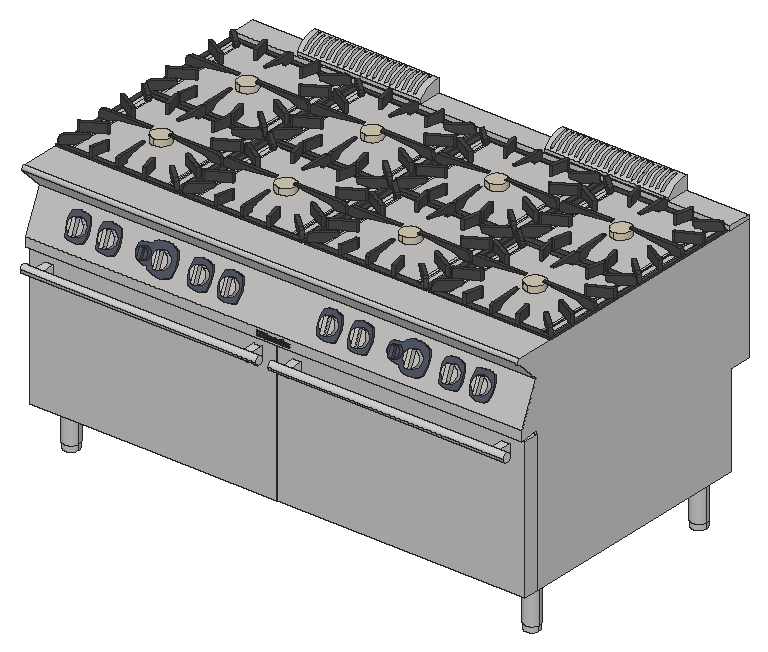
Revit family "QF_ELECTROLUXPROFESSIONAL_391017_E9GCGP8CG0", category Specialty Equipment, Revit 2018 (continued)
Automatic sketch dimensions
  curve 27 to curve 28 = 9.296 mm
  curve 25 to curve 72 = 9.397 mm
  curve 70 to curve 70 = 9.296 mm
  curve 69 to curve 67 = 9.397 mm
  curve 66 to curve 66 = 9.296 mm
  curve 65 to curve 63 = 9.397 mm
  curve 62 to curve 61 = 9.296 mm
  curve 61 to curve 58 = 9.397 mm
  curve 59 to curve 57 = 9.296 mm
  curve 57 to curve 55 = 9.397 mm
  curve 55 to curve 53 = 9.296 mm
  curve 53 to curve 50 = 9.397 mm
  curve 51 to curve 49 = 9.296 mm
  curve 49 to curve 47 = 9.397 mm
  curve 47 to curve 45 = 9.296 mm
  curve 45 to curve 43 = 9.397 mm
  curve 43 to curve 41 = 9.296 mm
  curve 41 to curve 39 = 9.397 mm
  curve 35 to curve 33 = 9.296 mm
  curve 33 to curve 31 = 9.397 mm
  curve 31 to curve 29 = 9.296 mm
  curve 29 to curve 103 = 9.397 mm
  curve 102 to curve 101 = 9.296 mm
  curve 101 to curve 98 = 9.397 mm
  curve 99 to curve 97 = 9.296 mm
  curve 97 to curve 95 = 9.397 mm
  curve 94 to curve 93 = 9.296 mm
  curve 93 to curve 90 = 9.397 mm
  curve 91 to curve 89 = 9.296 mm
  curve 89 to curve 86 = 9.397 mm
  curve 87 to curve 88 = 9.296 mm
  curve 85 to curve 83 = 9.397 mm
  curve 83 to curve 81 = 9.296 mm
  curve 81 to curve 79 = 9.397 mm
  curve 79 to curve 80 = 9.296 mm
  curve 77 to curve 75 = 9.397 mm
  curve 75 to curve 76 = 9.296 mm
  curve 73 to curve 105 = 14.847 mm
  plane 11 to curve 23 = 7.049 mm
  curve 23 to plane 17 = 20.2 mm
  plane 17 to curve 20 = 5.2 mm
  plane 11 to curve 21 = 7.049 mm
  plane 3 "LEFT" to curve 21 = 19.875 mm
  curve 8 to plane 3 "LEFT" = 100 mm
  curve 8 to plane 1 "BACK" = 100 mm
  plane 1 "BACK" to curve 200 = 6.761 mm
  plane 1 "BACK" to curve 166 = 6.761 mm
  plane 1 "BACK" to curve 199 = 6.761 mm
  plane 1 "BACK" to curve 168 = 6.761 mm
  plane 1 "BACK" to curve 163 = 6.761 mm
  plane 1 "BACK" to curve 195 = 6.761 mm
  plane 1 "BACK" to curve 159 = 6.761 mm
  plane 1 "BACK" to curve 191 = 6.761 mm
  plane 1 "BACK" to curve 155 = 6.761 mm
  plane 1 "BACK" to curve 187 = 6.761 mm
  plane 1 "BACK" to curve 151 = 6.761 mm
  plane 1 "BACK" to curve 29 = 6.761 mm
  plane 1 "BACK" to curve 147 = 6.761 mm
  plane 1 "BACK" to curve 33 = 6.761 mm
  plane 1 "BACK" to curve 143 = 6.761 mm
  plane 1 "BACK" to curve 37 = 6.761 mm
  plane 1 "BACK" to curve 139 = 6.761 mm
  plane 1 "BACK" to curve 41 = 6.761 mm
  plane 1 "BACK" to curve 135 = 6.761 mm
  plane 1 "BACK" to curve 45 = 6.761 mm
  plane 1 "BACK" to curve 131 = 6.761 mm
  plane 1 "BACK" to curve 49 = 6.761 mm
  plane 1 "BACK" to curve 53 = 6.761 mm
  plane 1 "BACK" to curve 172 = 6.761 mm
  plane 1 "BACK" to curve 57 = 6.761 mm
  plane 1 "BACK" to curve 176 = 6.761 mm
  plane 1 "BACK" to curve 61 = 6.761 mm
  plane 1 "BACK" to curve 180 = 6.761 mm
  plane 1 "BACK" to curve 65 = 6.761 mm
  plane 1 "BACK" to curve 69 = 6.761 mm
  plane 1 "BACK" to curve 104 = 6.761 mm
  plane 1 "BACK" to curve 73 = 6.761 mm
  plane 1 "BACK" to curve 100 = 6.761 mm
  plane 1 "BACK" to curve 77 = 6.761 mm
  plane 1 "BACK" to curve 96 = 6.761 mm
  plane 1 "BACK" to curve 81 = 6.761 mm
  plane 1 "BACK" to curve 92 = 6.761 mm
  plane 1 "BACK" to curve 85 = 6.761 mm
  curve 87 to curve 86 = 57.15 mm
  curve 86 to curve 89 = 0 mm
  curve 83 to curve 85 = 0 mm
  curve 90 to curve 93 = 0 mm
  curve 79 to curve 81 = 0 mm
  curve 94 to curve 97 = 0 mm
  curve 75 to curve 77 = 0 mm
  curve 98 to curve 101 = 0 mm
  curve 71 to curve 106 = 5.939 mm
  curve 186 to curve 185 = 57.15 mm
  curve 67 to curve 69 = 0 mm
  curve 63 to curve 65 = 0 mm
  curve 182 to curve 184 = 0 mm
  curve 59 to curve 61 = 0 mm
  curve 178 to curve 180 = 0 mm
  curve 55 to curve 57 = 0 mm
  curve 174 to curve 176 = 0 mm
  curve 51 to curve 53 = 0 mm
  curve 124 to curve 124 = 57.15 mm
  curve 47 to curve 49 = 0 mm
  curve 128 to curve 128 = 57.15 mm
  curve 43 to curve 45 = 0 mm
  curve 129 to curve 132 = 0 mm
  curve 39 to curve 41 = 0 mm
  curve 133 to curve 136 = 0 mm
  curve 35 to curve 37 = 0 mm
  curve 137 to curve 140 = 0 mm
  curve 31 to curve 33 = 0 mm
  curve 141 to curve 144 = 0 mm
  curve 70 to curve 27 = 0 mm
  curve 145 to curve 148 = 0 mm
  curve 149 to curve 152 = 0 mm
  curve 185 to curve 188 = 0 mm
  curve 153 to curve 156 = 0 mm
  curve 189 to curve 192 = 0 mm
  curve 157 to curve 160 = 0 mm
  curve 193 to curve 196 = 0 mm
  curve 161 to curve 164 = 0 mm
  curve 197 to curve 200 = 0 mm
  curve 165 to curve 168 = 0 mm
  curve 172 to curve 204 = 5.939 mm
  curve 125 to curve 205 = 5.939 mm
  curve 73 to curve 105 = 5.939 mm
  plane 11 to curve 118 = 7.049 mm
  plane 11 to curve 109 = 7.049 mm
  curve 16 to curve 18 = 1.5 mm
  curve 16 to curve 11 = 25.4 mm
  curve 113 to curve 118 = 25.4 mm
  Extrusion 1 sketch curve to plane 10 = 0 mm
  Extrusion 1 sketch curve to plane 9 "Base" = 0 mm
  Extrusion 1 sketch curve to plane 1 "BACK" = 0 mm
  Extrusion 1 sketch curve to plane 13 = 57 mm
  Extrusion 1 sketch curve to plane 14 = 50.222 mm
  Extrusion 1 sketch curve to Extrusion 1 sketch curve = 3.175 mm
  Extrusion 1 sketch curve to Extrusion 1 sketch curve = 0.442 mm
  Extrusion 1 sketch curve to plane 14 = 56.266 mm
  Extrusion 1 sketch curve to plane 11 = 14.167 mm
  Extrusion 1 sketch curve to plane 11 = 8.63 mm
  Extrusion 1 sketch curve to plane 11 = 2.528 mm
  plane 9 "Base" to Extrusion 1 sketch curve = 300 mm
  Extrusion 1 sketch curve to plane 10 = 240.721 mm
  Extrusion 1 sketch curve to Extrusion 1 sketch curve = 1.552 mm
  Extrusion 1 sketch curve to Extrusion 1 sketch curve = 31.298 mm
  Extrusion 1 sketch curve to plane 10 = 84.067 mm
  Extrusion 1 sketch curve to plane 10 = 14.732 mm
  Extrusion 1 to Extrusion 2 sketch curve = 0 mm
  Extrusion 2 sketch curve to Extrusion 1 = 0 mm  (x3)
  Extrusion 1 to Extrusion 2 sketch curve = 9.61 mm
  Extrusion 2 sketch curve to Extrusion 2 sketch curve = 0 mm
  Extrusion 1 to Extrusion 2 sketch curve = 363.774 mm
  Extrusion 1 to Extrusion 2 sketch curve = 378.321 mm
  Extrusion 2 sketch curve to Extrusion 2 sketch curve = 434.226 mm
  Extrusion 2 sketch curve to Extrusion 2 sketch curve = 4 mm
  Extrusion 3 sketch curve to Extrusion 1 = 0 mm  (x2)
  Extrusion 3 sketch curve to Extrusion 1 = 5.2 mm
  Extrusion 1 to Extrusion 3 sketch curve = 14.288 mm
  Extrusion 4 sketch curve to Extrusion 1 = 187.222 mm
  Extrusion 5 sketch curve to plane 9 "Base" = 0 mm
  Extrusion 5 sketch curve to plane 15 = 0 mm
  Extrusion 5 sketch curve to plane 11 = 30 mm
  Extrusion 5 sketch curve to Extrusion 5 sketch curve = 44.603 mm
  plane 11 to Extrusion 6 sketch curve = 0 mm  (x2)
  plane 1 "BACK" to Extrusion 6 sketch curve = 0 mm
  Extrusion 6 sketch curve to plane 3 "LEFT" = 0 mm
  Extrusion 6 sketch curve to plane 4 "RIGHT" = 0 mm
  Extrusion 6 sketch curve to plane 3 "LEFT" = 100 mm
  plane 4 "RIGHT" to Extrusion 6 sketch curve = 100 mm
  plane 11 to Extrusion 7 sketch curve = 22.852 mm
  Extrusion 7 sketch curve to Extrusion 7 sketch curve = 0 mm  (x2)
  Extrusion 7 sketch curve to Extrusion 7 sketch curve = 1.139 mm
  Extrusion 7 sketch curve to Extrusion 7 sketch curve = 3.102 mm
  Extrusion 7 sketch curve to Extrusion 7 sketch curve = 4.032 mm
  Extrusion 7 sketch curve to Extrusion 7 sketch curve = 4.436 mm
  Extrusion 7 sketch curve to Extrusion 7 sketch curve = 5.898 mm
  plane 11 to Extrusion 7 sketch curve = 8.549 mm
  Extrusion 7 sketch curve to plane 11 = 30 mm
  Extrusion 7 sketch curve to plane 10 = 298.908 mm
  Extrusion 7 sketch curve to Extrusion 7 sketch curve = 3.343 mm
  Extrusion 7 sketch curve to Extrusion 7 sketch curve = 2.066 mm
  Extrusion 7 sketch curve to Extrusion 7 sketch curve = 5.312 mm
  Extrusion 7 sketch curve to Extrusion 7 sketch curve = 28.009 mm
  plane 11 to Extrusion 8 sketch curve = 22.852 mm
  Extrusion 8 sketch curve to Extrusion 8 sketch curve = 0 mm  (x2)
  Extrusion 8 sketch curve to Extrusion 8 sketch curve = 1.139 mm
  Extrusion 8 sketch curve to Extrusion 8 sketch curve = 3.102 mm
  Extrusion 8 sketch curve to Extrusion 8 sketch curve = 4.032 mm
  Extrusion 8 sketch curve to Extrusion 8 sketch curve = 4.436 mm
  Extrusion 8 sketch curve to Extrusion 8 sketch curve = 5.898 mm
  plane 11 to Extrusion 8 sketch curve = 8.549 mm
  Extrusion 8 sketch curve to plane 11 = 30 mm
  Extrusion 8 sketch curve to plane 10 = 270.899 mm
  Extrusion 8 sketch curve to Extrusion 8 sketch curve = 2.705 mm
  Extrusion 8 sketch curve to Extrusion 8 sketch curve = 5.987 mm
  Extrusion 8 sketch curve to Extrusion 8 sketch curve = 5.313 mm
  Extrusion 8 sketch curve to Extrusion 8 sketch curve = 28.009 mm
  plane 11 to Extrusion 9 sketch curve = 19.749 mm
  Extrusion 9 sketch curve to plane 10 = 279.591 mm
  Extrusion 10 sketch curve to Extrusion 10 sketch curve = 0 mm
  Extrusion 10 sketch curve to Extrusion 10 sketch curve = 12.3 mm  (x3)
  Extrusion 10 sketch curve to Extrusion 10 sketch curve = 34.925 mm  (x2)
  Extrusion 10 sketch curve to Extrusion 10 sketch curve = 46.691 mm
  Extrusion 10 sketch curve to Extrusion 10 sketch curve = 0.617 mm
  Extrusion 10 sketch curve to Extrusion 10 sketch curve = 28.57 mm
  Extrusion 10 sketch curve to Extrusion 10 sketch curve = 29.185 mm
  Extrusion 12 sketch curve to Extrusion 12 sketch curve = 24.732 mm
  Extrusion 12 sketch curve to Extrusion 12 sketch curve = 0 mm
  Extrusion 13 sketch curve to Extrusion 13 sketch curve = 0 mm  (x4)
  Extrusion 13 sketch curve to Extrusion 13 sketch curve = 112.63 mm
  Extrusion 13 sketch curve to Extrusion 13 sketch curve = 1.398 mm
  Extrusion 13 sketch curve to Extrusion 13 sketch curve = 5.918 mm
  Extrusion 13 sketch curve to Extrusion 13 sketch curve = 7.825 mm
  Extrusion 13 sketch curve to Extrusion 13 sketch curve = 12.433 mm
  Extrusion 13 sketch curve to Extrusion 13 sketch curve = 33.329 mm
  Extrusion 13 sketch curve to Extrusion 13 sketch curve = 28.808 mm
  Extrusion 13 sketch curve to Extrusion 13 sketch curve = 2.986 mm
  Extrusion 13 sketch curve to Extrusion 13 sketch curve = 35.441 mm
  Extrusion 13 sketch curve to Extrusion 13 sketch curve = 23.969 mm
  Extrusion 13 sketch curve to Extrusion 13 sketch curve = 31.993 mm
  Extrusion 13 sketch curve to Extrusion 13 sketch curve = 0.131 mm
  Extrusion 13 sketch curve to Extrusion 13 sketch curve = 36.738 mm
  Extrusion 13 sketch curve to Extrusion 13 sketch curve = 6.105 mm
  Extrusion 13 sketch curve to Extrusion 13 sketch curve = 0.002 mm
  Extrusion 13 sketch curve to Extrusion 13 sketch curve = 38.412 mm
  Extrusion 13 sketch curve to Extrusion 13 sketch curve = 11.842 mm
  Extrusion 15 sketch curve to Extrusion 15 sketch curve = 24.732 mm
  Extrusion 15 sketch curve to Extrusion 15 sketch curve = 0 mm
  Extrusion 17 sketch curve to Extrusion 17 sketch curve = 0 mm
  Extrusion 17 sketch curve to Extrusion 17 sketch curve = 7.232 mm  (x3)
  Extrusion 17 sketch curve to Extrusion 17 sketch curve = 17.5 mm
  Extrusion 17 sketch curve to Extrusion 17 sketch curve = 5.786 mm
  Extrusion 18 sketch curve to plane 19 = 138.904 mm
  Extrusion 18 sketch curve to Extrusion 18 sketch curve = 0 mm
  Extrusion 18 sketch curve to Extrusion 18 sketch curve = 12.3 mm  (x3)
  Extrusion 18 sketch curve to Extrusion 18 sketch curve = 34.925 mm  (x2)
  Extrusion 18 sketch curve to Extrusion 18 sketch curve = 46.691 mm
  Extrusion 18 sketch curve to Extrusion 18 sketch curve = 0.617 mm
  Extrusion 18 sketch curve to Extrusion 18 sketch curve = 28.57 mm
  Extrusion 18 sketch curve to Extrusion 18 sketch curve = 29.185 mm
  Extrusion 20 sketch curve to Extrusion 20 sketch curve = 24.732 mm
  Extrusion 20 sketch curve to Extrusion 20 sketch curve = 0 mm
  Extrusion 21 sketch curve to plane 17 = 61.596 mm
  Extrusion 21 sketch curve to Extrusion 21 sketch curve = 0 mm
  Extrusion 21 sketch curve to Extrusion 21 sketch curve = 12.3 mm  (x3)
  Extrusion 21 sketch curve to Extrusion 21 sketch curve = 34.925 mm  (x2)
  Extrusion 21 sketch curve to plane 17 = 35.869 mm
  Extrusion 21 sketch curve to Extrusion 21 sketch curve = 46.691 mm
  Extrusion 21 sketch curve to Extrusion 21 sketch curve = 26.344 mm
  Extrusion 21 sketch curve to Extrusion 21 sketch curve = 28.57 mm
  Extrusion 23 sketch curve to Extrusion 23 sketch curve = 24.732 mm
  Extrusion 23 sketch curve to Extrusion 23 sketch curve = 0 mm
  Extrusion 24 sketch curve to plane 17 = 161.596 mm
  Extrusion 24 sketch curve to Extrusion 24 sketch curve = 0 mm
  Extrusion 24 sketch curve to Extrusion 24 sketch curve = 12.3 mm  (x3)
  Extrusion 24 sketch curve to Extrusion 24 sketch curve = 34.925 mm  (x2)
  Extrusion 24 sketch curve to Extrusion 24 sketch curve = 46.691 mm
  Extrusion 24 sketch curve to Extrusion 24 sketch curve = 0.617 mm
  Extrusion 24 sketch curve to Extrusion 24 sketch curve = 28.57 mm
  Extrusion 24 sketch curve to Extrusion 24 sketch curve = 29.185 mm
  Extrusion 26 sketch curve to Extrusion 26 sketch curve = 24.732 mm
  Extrusion 26 sketch curve to Extrusion 26 sketch curve = 0 mm
  Extrusion 27 sketch curve to Extrusion 1 = 43 mm
  Extrusion 27 sketch curve to Extrusion 1 = 276.222 mm
  Revolve 28 sketch curve to plane 9 "Base" = 0 mm  (x2)
  Revolve 28 sketch curve to level = 0 mm
  plane 17 to Revolve 28 sketch curve = 0 mm  (x2)
  plane 17 to Revolve 28 sketch curve = 22.9 mm
  Revolve 28 sketch curve to Revolve 28 sketch curve = 2.5 mm
  level to Revolve 28 sketch curve = 19.05 mm
  plane 9 "Base" to Revolve 28 sketch curve = 20 mm
  Revolve 29 sketch curve to plane 9 "Base" = 0 mm  (x2)
  Revolve 29 sketch curve to level = 0 mm
  plane 17 to Revolve 29 sketch curve = 0 mm  (x2)
  plane 17 to Revolve 29 sketch curve = 22.9 mm
  Revolve 29 sketch curve to Revolve 29 sketch curve = 2.5 mm
  level to Revolve 29 sketch curve = 19.05 mm
  plane 9 "Base" to Revolve 29 sketch curve = 20 mm
  Extrusion 30 sketch curve to plane 1 "BACK" = 0 mm
  Extrusion 30 sketch curve to plane 6 "TOP" = 0 mm
  plane 1 "BACK" to Extrusion 30 sketch curve = 1.769 mm
  plane 10 to Extrusion 30 sketch curve = 23.813 mm
  plane 1 "BACK" to Extrusion 30 sketch curve = 69.85 mm
  plane 10 to Extrusion 30 sketch curve = 14.288 mm
  plane 1 "BACK" to Extrusion 31 sketch curve = 63.911 mm  (x2)
  Extrusion 31 sketch curve to plane 17 = 158.847 mm
  Extrusion 31 sketch curve to Extrusion 31 sketch curve = 9.296 mm  (x20)
  Extrusion 31 sketch curve to Extrusion 31 sketch curve = 9.397 mm  (x19)
  Extrusion 31 sketch curve to Extrusion 31 sketch curve = 0 mm  (x18)
  plane 1 "BACK" to Extrusion 31 sketch curve = 6.761 mm  (x20)
  plane 11 to Extrusion 32 sketch curve = 22.852 mm
  Extrusion 32 sketch curve to Extrusion 32 sketch curve = 0 mm  (x2)
  Extrusion 32 sketch curve to Extrusion 32 sketch curve = 1.139 mm
  Extrusion 32 sketch curve to Extrusion 32 sketch curve = 3.102 mm
  Extrusion 32 sketch curve to Extrusion 32 sketch curve = 4.032 mm
  Extrusion 32 sketch curve to Extrusion 32 sketch curve = 4.436 mm
  Extrusion 32 sketch curve to Extrusion 32 sketch curve = 5.898 mm
  plane 11 to Extrusion 32 sketch curve = 8.549 mm
  Extrusion 32 sketch curve to plane 11 = 30 mm
  Extrusion 32 sketch curve to plane 10 = 270.899 mm
  Extrusion 32 sketch curve to Extrusion 32 sketch curve = 2.705 mm
  Extrusion 32 sketch curve to Extrusion 32 sketch curve = 5.987 mm
  Extrusion 32 sketch curve to Extrusion 32 sketch curve = 5.312 mm
  Extrusion 32 sketch curve to Extrusion 32 sketch curve = 28.009 mm
  plane 11 to Extrusion 33 sketch curve = 22.852 mm
  Extrusion 33 sketch curve to Extrusion 33 sketch curve = 0 mm  (x2)
  Extrusion 33 sketch curve to Extrusion 33 sketch curve = 1.139 mm
  Extrusion 33 sketch curve to Extrusion 33 sketch curve = 3.102 mm
  Extrusion 33 sketch curve to Extrusion 33 sketch curve = 4.032 mm
  Extrusion 33 sketch curve to Extrusion 33 sketch curve = 4.436 mm
  Extrusion 33 sketch curve to Extrusion 33 sketch curve = 5.898 mm
  plane 11 to Extrusion 33 sketch curve = 8.549 mm
  Extrusion 33 sketch curve to plane 11 = 30 mm
  Extrusion 33 sketch curve to plane 10 = 298.908 mm
  Extrusion 33 sketch curve to Extrusion 33 sketch curve = 3.343 mm
  Extrusion 33 sketch curve to Extrusion 33 sketch curve = 2.066 mm
  Extrusion 33 sketch curve to Extrusion 33 sketch curve = 5.313 mm
  Extrusion 33 sketch curve to Extrusion 33 sketch curve = 28.009 mm
  plane 11 to Extrusion 34 sketch curve = 19.749 mm
  Extrusion 34 sketch curve to plane 10 = 279.591 mm
  Revolve 35 sketch curve to plane 9 "Base" = 0 mm  (x2)
  Revolve 35 sketch curve to level = 0 mm
  Revolve 35 sketch curve to plane 18 = 0 mm  (x2)
  plane 18 to Revolve 35 sketch curve = 22.9 mm
  Revolve 35 sketch curve to Revolve 35 sketch curve = 2.5 mm
  plane 9 "Base" to Revolve 35 sketch curve = 20 mm
  level to Revolve 35 sketch curve = 19.05 mm
  Revolve 36 sketch curve to plane 9 "Base" = 0 mm  (x2)
  Revolve 36 sketch curve to level = 0 mm
  Revolve 36 sketch curve to plane 18 = 0 mm  (x2)
  plane 18 to Revolve 36 sketch curve = 22.9 mm
  Revolve 36 sketch curve to Revolve 36 sketch curve = 2.5 mm
  plane 9 "Base" to Revolve 36 sketch curve = 20 mm
  level to Revolve 36 sketch curve = 19.05 mm
  Extrusion 37 sketch curve to Extrusion 37 sketch curve = 0 mm
  Extrusion 37 sketch curve to Extrusion 37 sketch curve = 12.3 mm  (x3)
  Extrusion 37 sketch curve to Extrusion 37 sketch curve = 34.925 mm  (x2)
  Extrusion 37 sketch curve to Extrusion 37 sketch curve = 46.691 mm
  Extrusion 37 sketch curve to Extrusion 37 sketch curve = 0.617 mm
  Extrusion 37 sketch curve to Extrusion 37 sketch curve = 28.57 mm
  Extrusion 37 sketch curve to Extrusion 37 sketch curve = 29.185 mm
  Extrusion 39 sketch curve to Extrusion 39 sketch curve = 24.732 mm
  Extrusion 39 sketch curve to Extrusion 39 sketch curve = 0 mm
  Extrusion 40 sketch curve to Extrusion 40 sketch curve = 0 mm  (x4)
  Extrusion 40 sketch curve to Extrusion 40 sketch curve = 112.63 mm
  Extrusion 40 sketch curve to Extrusion 40 sketch curve = 1.398 mm
  Extrusion 40 sketch curve to Extrusion 40 sketch curve = 5.918 mm
  Extrusion 40 sketch curve to Extrusion 40 sketch curve = 7.825 mm
  Extrusion 40 sketch curve to Extrusion 40 sketch curve = 12.433 mm
  Extrusion 40 sketch curve to Extrusion 40 sketch curve = 33.329 mm
  Extrusion 40 sketch curve to Extrusion 40 sketch curve = 28.808 mm
  Extrusion 40 sketch curve to Extrusion 40 sketch curve = 2.986 mm
  Extrusion 40 sketch curve to Extrusion 40 sketch curve = 35.441 mm
  Extrusion 40 sketch curve to Extrusion 40 sketch curve = 23.969 mm
  Extrusion 40 sketch curve to Extrusion 40 sketch curve = 31.993 mm
  Extrusion 40 sketch curve to Extrusion 40 sketch curve = 0.131 mm
  Extrusion 40 sketch curve to Extrusion 40 sketch curve = 36.738 mm
  Extrusion 40 sketch curve to Extrusion 40 sketch curve = 6.105 mm
  Extrusion 40 sketch curve to Extrusion 40 sketch curve = 6.427 mm
  Extrusion 40 sketch curve to Extrusion 40 sketch curve = 11.842 mm
  Extrusion 42 sketch curve to Extrusion 42 sketch curve = 24.732 mm
  Extrusion 42 sketch curve to Extrusion 42 sketch curve = 0 mm
  Extrusion 44 sketch curve to Extrusion 44 sketch curve = 0 mm
  Extrusion 44 sketch curve to Extrusion 44 sketch curve = 7.232 mm  (x3)
  Extrusion 44 sketch curve to Extrusion 44 sketch curve = 17.5 mm
  Extrusion 44 sketch curve to Extrusion 44 sketch curve = 5.786 mm
  Extrusion 45 sketch curve to plane 18 = 121.317 mm
  Extrusion 45 sketch curve to Extrusion 45 sketch curve = 0 mm
  Extrusion 45 sketch curve to Extrusion 45 sketch curve = 12.3 mm  (x3)
  Extrusion 45 sketch curve to Extrusion 45 sketch curve = 34.925 mm  (x2)
  Extrusion 45 sketch curve to Extrusion 45 sketch curve = 46.691 mm
  Extrusion 45 sketch curve to Extrusion 45 sketch curve = 0.617 mm
  Extrusion 45 sketch curve to Extrusion 45 sketch curve = 28.57 mm
  Extrusion 45 sketch curve to Extrusion 45 sketch curve = 29.185 mm
  Extrusion 47 sketch curve to Extrusion 47 sketch curve = 24.732 mm
  Extrusion 47 sketch curve to Extrusion 47 sketch curve = 0 mm
  plane 7 "Center Y" to Extrusion 48 sketch curve = 130.183 mm
  Extrusion 48 sketch curve to Extrusion 48 sketch curve = 0 mm
  Extrusion 48 sketch curve to Extrusion 48 sketch curve = 12.3 mm  (x3)
  Extrusion 48 sketch curve to Extrusion 48 sketch curve = 34.925 mm  (x2)
  Extrusion 48 sketch curve to Extrusion 48 sketch curve = 46.691 mm
  Extrusion 48 sketch curve to Extrusion 48 sketch curve = 0.617 mm
  Extrusion 48 sketch curve to Extrusion 48 sketch curve = 28.57 mm
  Extrusion 48 sketch curve to Extrusion 48 sketch curve = 29.185 mm
  Extrusion 50 sketch curve to Extrusion 50 sketch curve = 24.732 mm
  Extrusion 50 sketch curve to Extrusion 50 sketch curve = 0 mm
  Extrusion 51 sketch curve to Extrusion 51 sketch curve = 0 mm
  Extrusion 51 sketch curve to Extrusion 51 sketch curve = 12.3 mm  (x3)
  Extrusion 51 sketch curve to Extrusion 51 sketch curve = 34.925 mm  (x2)
  Extrusion 51 sketch curve to Extrusion 51 sketch curve = 46.691 mm
  Extrusion 51 sketch curve to Extrusion 51 sketch curve = 0.617 mm
  Extrusion 51 sketch curve to Extrusion 51 sketch curve = 28.57 mm
  Extrusion 51 sketch curve to Extrusion 51 sketch curve = 29.185 mm
  Extrusion 53 sketch curve to Extrusion 53 sketch curve = 24.732 mm
  Extrusion 53 sketch curve to Extrusion 53 sketch curve = 0 mm
  Extrusion 54 sketch curve to plane 9 "Base" = 0 mm
  Extrusion 54 sketch curve to plane 15 = 0 mm
  Extrusion 54 sketch curve to plane 11 = 30 mm
  Extrusion 54 sketch curve to Extrusion 54 sketch curve = 44.603 mm
  Extrusion 55 sketch curve to Extrusion 1 = 3.655 mm
  Extrusion 55 sketch curve to Extrusion 1 = 8.695 mm
  Extrusion 55 sketch curve to Extrusion 1 = 8.715 mm  (x2)
  Extrusion 55 sketch curve to Extrusion 55 sketch curve = 5.108 mm  (x2)
  Extrusion 55 sketch curve to Extrusion 55 sketch curve = 0 mm  (x27)
  Extrusion 55 sketch curve to Extrusion 1 = 8.816 mm
  Extrusion 55 sketch curve to Extrusion 55 sketch curve = 0.218 mm
  Extrusion 55 sketch curve to Extrusion 55 sketch curve = 0.195 mm
  Extrusion 55 sketch curve to Extrusion 55 sketch curve = 0.249 mm
  Extrusion 55 sketch curve to Extrusion 1 = 9.012 mm
  Extrusion 55 sketch curve to Extrusion 55 sketch curve = 0.087 mm
  Extrusion 55 sketch curve to Extrusion 55 sketch curve = 0.358 mm
  Extrusion 55 sketch curve to Extrusion 55 sketch curve = 0.481 mm
  Extrusion 55 sketch curve to Extrusion 55 sketch curve = 0.597 mm
  Extrusion 55 sketch curve to Extrusion 55 sketch curve = 0.544 mm
  Extrusion 55 sketch curve to Extrusion 55 sketch curve = 0.936 mm
  Extrusion 55 sketch curve to Extrusion 55 sketch curve = 0.594 mm
  Extrusion 55 sketch curve to Extrusion 55 sketch curve = 0.343 mm
  Extrusion 55 sketch curve to Extrusion 55 sketch curve = 0.159 mm
  Extrusion 55 sketch curve to Extrusion 55 sketch curve = 0.826 mm
  Extrusion 55 sketch curve to Extrusion 55 sketch curve = 0.839 mm
  Extrusion 55 sketch curve to Extrusion 55 sketch curve = 0.852 mm
  Extrusion 55 sketch curve to Extrusion 55 sketch curve = 0.887 mm
  Extrusion 55 sketch curve to Extrusion 55 sketch curve = 0.928 mm
  Extrusion 55 sketch curve to Extrusion 55 sketch curve = 0.938 mm
  Extrusion 55 sketch curve to Extrusion 55 sketch curve = 0.444 mm
  Extrusion 55 sketch curve to Extrusion 55 sketch curve = 1.11 mm  (x3)
  Extrusion 55 sketch curve to Extrusion 55 sketch curve = 0.215 mm
  Extrusion 55 sketch curve to Extrusion 55 sketch curve = 1.43 mm
  Extrusion 55 sketch curve to Extrusion 55 sketch curve = 1.188 mm
  Extrusion 55 sketch curve to Extrusion 55 sketch curve = 1.21 mm  (x2)
  Extrusion 55 sketch curve to Extrusion 55 sketch curve = 0.503 mm
  Extrusion 55 sketch curve to Extrusion 55 sketch curve = 0.488 mm
  Extrusion 55 sketch curve to Extrusion 55 sketch curve = 0.462 mm
  Extrusion 55 sketch curve to Extrusion 55 sketch curve = 1.386 mm
  Extrusion 55 sketch curve to Extrusion 55 sketch curve = 1.742 mm  (x2)
  Extrusion 55 sketch curve to Extrusion 55 sketch curve = 0.821 mm
  Extrusion 55 sketch curve to Extrusion 55 sketch curve = 0.497 mm
  Extrusion 55 sketch curve to Extrusion 55 sketch curve = 0.539 mm
  Extrusion 55 sketch curve to Extrusion 55 sketch curve = 0.686 mm
  Extrusion 55 sketch curve to Extrusion 55 sketch curve = 0.408 mm
  Extrusion 55 sketch curve to Extrusion 55 sketch curve = 0.743 mm
  Extrusion 55 sketch curve to Extrusion 55 sketch curve = 1.16 mm
  Extrusion 55 sketch curve to Extrusion 55 sketch curve = 0.329 mm
  Extrusion 55 sketch curve to Extrusion 55 sketch curve = 1.054 mm
  Extrusion 55 sketch curve to Extrusion 55 sketch curve = 1.056 mm
  Extrusion 55 sketch curve to Extrusion 55 sketch curve = 0.129 mm
  Extrusion 55 sketch curve to Extrusion 55 sketch curve = 0.489 mm
  Extrusion 55 sketch curve to Extrusion 55 sketch curve = 0.441 mm
  Extrusion 55 sketch curve to Extrusion 55 sketch curve = 1.151 mm
  Extrusion 55 sketch curve to Extrusion 55 sketch curve = 1.141 mm  (x2)
  Extrusion 55 sketch curve to Extrusion 55 sketch curve = 0.768 mm
  Extrusion 55 sketch curve to Extrusion 55 sketch curve = 1.653 mm
  Extrusion 55 sketch curve to Extrusion 55 sketch curve = 0.499 mm
  Extrusion 55 sketch curve to Extrusion 55 sketch curve = 0.964 mm
  Extrusion 55 sketch curve to Extrusion 55 sketch curve = 0.949 mm
  Extrusion 55 sketch curve to Extrusion 55 sketch curve = 1.345 mm  (x3)
  Extrusion 55 sketch curve to Extrusion 55 sketch curve = 1.101 mm
  Extrusion 55 sketch curve to Extrusion 55 sketch curve = 0.432 mm
  Extrusion 55 sketch curve to Extrusion 55 sketch curve = 1.142 mm
  Extrusion 55 sketch curve to Extrusion 55 sketch curve = 0.959 mm
  Extrusion 55 sketch curve to Extrusion 55 sketch curve = 0.176 mm
  Extrusion 55 sketch curve to Extrusion 55 sketch curve = 0.728 mm
  Extrusion 55 sketch curve to Extrusion 55 sketch curve = 3.375 mm  (x2)
  Extrusion 55 sketch curve to Extrusion 55 sketch curve = 0.541 mm
  Extrusion 55 sketch curve to Extrusion 55 sketch curve = 0.955 mm
  Extrusion 55 sketch curve to Extrusion 55 sketch curve = 1.251 mm
  Extrusion 55 sketch curve to Extrusion 55 sketch curve = 0.572 mm
  Extrusion 55 sketch curve to Extrusion 55 sketch curve = 1.92 mm
  Extrusion 55 sketch curve to Extrusion 55 sketch curve = 1.224 mm
  Extrusion 55 sketch curve to Extrusion 55 sketch curve = 0.745 mm
  Extrusion 55 sketch curve to Extrusion 55 sketch curve = 2.537 mm
  Extrusion 55 sketch curve to Extrusion 55 sketch curve = 0.896 mm  (x3)
  Extrusion 55 sketch curve to Extrusion 55 sketch curve = 0.036 mm
  Extrusion 55 sketch curve to Extrusion 55 sketch curve = 2.607 mm
  Extrusion 55 sketch curve to Extrusion 55 sketch curve = 0.066 mm
  Extrusion 55 sketch curve to Extrusion 55 sketch curve = 0.248 mm
  Extrusion 55 sketch curve to Extrusion 55 sketch curve = 0.449 mm
  Extrusion 55 sketch curve to Extrusion 55 sketch curve = 1.052 mm
  Extrusion 55 sketch curve to Extrusion 55 sketch curve = 1.863 mm
  Extrusion 55 sketch curve to Extrusion 55 sketch curve = 1.31 mm  (x2)
  Extrusion 55 sketch curve to Extrusion 55 sketch curve = 0.901 mm
  Extrusion 55 sketch curve to Extrusion 55 sketch curve = 1.107 mm
  Extrusion 55 sketch curve to Extrusion 55 sketch curve = 2.122 mm
  Extrusion 55 sketch curve to Extrusion 55 sketch curve = 2.101 mm
  Extrusion 55 sketch curve to Extrusion 55 sketch curve = 0.106 mm
  Extrusion 55 sketch curve to Extrusion 55 sketch curve = 0.029 mm
  Extrusion 55 sketch curve to Extrusion 55 sketch curve = 2.09 mm
  Extrusion 55 sketch curve to Extrusion 55 sketch curve = 1.279 mm
  Extrusion 55 sketch curve to Extrusion 55 sketch curve = 2.008 mm
  Extrusion 55 sketch curve to Extrusion 55 sketch curve = 0.738 mm
  Extrusion 55 sketch curve to Extrusion 55 sketch curve = 0.382 mm
  Extrusion 55 sketch curve to Extrusion 55 sketch curve = 0.384 mm
  Extrusion 55 sketch curve to Extrusion 55 sketch curve = 0.002 mm
  Extrusion 55 sketch curve to Extrusion 55 sketch curve = 0.561 mm
  Extrusion 55 sketch curve to Extrusion 55 sketch curve = 0.592 mm
  Extrusion 55 sketch curve to Extrusion 55 sketch curve = 2.692 mm
  Extrusion 55 sketch curve to Extrusion 55 sketch curve = 1.259 mm
  Extrusion 55 sketch curve to Extrusion 55 sketch curve = 0.802 mm
  Extrusion 55 sketch curve to Extrusion 55 sketch curve = 1.024 mm
  Extrusion 55 sketch curve to Extrusion 55 sketch curve = 0.682 mm
  Extrusion 55 sketch curve to Extrusion 55 sketch curve = 5.934 mm
  Extrusion 55 sketch curve to Extrusion 55 sketch curve = 2.186 mm
  Extrusion 55 sketch curve to Extrusion 55 sketch curve = 0.337 mm
  Extrusion 55 sketch curve to Extrusion 55 sketch curve = 0.021 mm
  Extrusion 55 sketch curve to Extrusion 55 sketch curve = 1.005 mm
  Extrusion 55 sketch curve to Extrusion 55 sketch curve = 0.552 mm
  Extrusion 55 sketch curve to Extrusion 55 sketch curve = 0.778 mm
  Extrusion 55 sketch curve to Extrusion 55 sketch curve = 0.063 mm
  Extrusion 55 sketch curve to Extrusion 55 sketch curve = 1.023 mm
  Extrusion 55 sketch curve to Extrusion 55 sketch curve = 3.804 mm
  Extrusion 55 sketch curve to Extrusion 55 sketch curve = 0.486 mm
  Extrusion 55 sketch curve to Extrusion 55 sketch curve = 0.266 mm
  Extrusion 55 sketch curve to Extrusion 55 sketch curve = 1.547 mm
  Extrusion 55 sketch curve to Extrusion 55 sketch curve = 0.717 mm  (x2)
  Extrusion 55 sketch curve to Extrusion 55 sketch curve = 1.667 mm
  Extrusion 55 sketch curve to Extrusion 55 sketch curve = 3.174 mm
  Extrusion 55 sketch curve to Extrusion 55 sketch curve = 0.388 mm
  Extrusion 55 sketch curve to Extrusion 55 sketch curve = 1.342 mm
  Extrusion 55 sketch curve to Extrusion 55 sketch curve = 1.521 mm
  Extrusion 55 sketch curve to Extrusion 55 sketch curve = 0.124 mm
  Extrusion 55 sketch curve to Extrusion 55 sketch curve = 0.291 mm
  Extrusion 55 sketch curve to Extrusion 55 sketch curve = 1.049 mm  (x2)
  Extrusion 55 sketch curve to Extrusion 55 sketch curve = 1.7 mm
  Extrusion 55 sketch curve to Extrusion 55 sketch curve = 0.894 mm
  Extrusion 55 sketch curve to Extrusion 55 sketch curve = 0.989 mm
  Extrusion 55 sketch curve to Extrusion 55 sketch curve = 1.168 mm
  Extrusion 55 sketch curve to Extrusion 55 sketch curve = 1.594 mm
  Extrusion 55 sketch curve to Extrusion 55 sketch curve = 0.731 mm
  Extrusion 55 sketch curve to Extrusion 55 sketch curve = 1.566 mm
  Extrusion 55 sketch curve to Extrusion 55 sketch curve = 0.064 mm
  Extrusion 55 sketch curve to Extrusion 55 sketch curve = 0.556 mm  (x2)
  Extrusion 55 sketch curve to Extrusion 55 sketch curve = 0.48 mm
  Extrusion 55 sketch curve to Extrusion 55 sketch curve = 0.228 mm
  Extrusion 55 sketch curve to Extrusion 55 sketch curve = 1.018 mm
  Extrusion 55 sketch curve to Extrusion 55 sketch curve = 0.787 mm
  Extrusion 55 sketch curve to Extrusion 55 sketch curve = 0.618 mm
  Extrusion 55 sketch curve to Extrusion 55 sketch curve = 1.672 mm
  Extrusion 55 sketch curve to Extrusion 55 sketch curve = 1.361 mm
  Extrusion 55 sketch curve to Extrusion 55 sketch curve = 0.822 mm
  Extrusion 55 sketch curve to Extrusion 55 sketch curve = 0.069 mm
  Extrusion 55 sketch curve to Extrusion 55 sketch curve = 1.88 mm
  Extrusion 55 sketch curve to Extrusion 55 sketch curve = 0.42 mm
  Extrusion 55 sketch curve to Extrusion 55 sketch curve = 0.062 mm
  Extrusion 55 sketch curve to Extrusion 55 sketch curve = 1.355 mm
  Extrusion 55 sketch curve to Extrusion 55 sketch curve = 2.34 mm
  Extrusion 55 sketch curve to Extrusion 55 sketch curve = 0.493 mm
  Extrusion 55 sketch curve to Extrusion 55 sketch curve = 0.136 mm
  Extrusion 55 sketch curve to Extrusion 55 sketch curve = 0.128 mm
  Extrusion 55 sketch curve to Extrusion 55 sketch curve = 3.616 mm
  Extrusion 55 sketch curve to Extrusion 55 sketch curve = 4.207 mm
  Extrusion 55 sketch curve to Extrusion 55 sketch curve = 0.183 mm
  Extrusion 55 sketch curve to Extrusion 55 sketch curve = 0.895 mm
  Extrusion 55 sketch curve to Extrusion 55 sketch curve = 1.314 mm
  Extrusion 55 sketch curve to Extrusion 55 sketch curve = 3.231 mm
  Extrusion 55 sketch curve to Extrusion 55 sketch curve = 1.299 mm
  Extrusion 55 sketch curve to Extrusion 55 sketch curve = 1.214 mm
  Extrusion 55 sketch curve to Extrusion 55 sketch curve = 1.264 mm
  Extrusion 55 sketch curve to Extrusion 55 sketch curve = 0.109 mm
  Extrusion 55 sketch curve to Extrusion 55 sketch curve = 0.357 mm
  Extrusion 55 sketch curve to Extrusion 55 sketch curve = 0.565 mm
  Extrusion 55 sketch curve to Extrusion 55 sketch curve = 2.504 mm
  Extrusion 55 sketch curve to Extrusion 55 sketch curve = 2.459 mm
  Extrusion 1 to Extrusion 55 sketch curve = 747.488 mm
  Extrusion 55 sketch curve to Extrusion 55 sketch curve = 0.208 mm
  Extrusion 55 sketch curve to Extrusion 55 sketch curve = 0.468 mm  (x2)
  Extrusion 55 sketch curve to Extrusion 55 sketch curve = 1.559 mm
  Extrusion 55 sketch curve to Extrusion 55 sketch curve = 0.422 mm  (x2)
  Extrusion 55 sketch curve to Extrusion 55 sketch curve = 0.494 mm
  Extrusion 55 sketch curve to Extrusion 55 sketch curve = 3.927 mm
  Extrusion 55 sketch curve to Extrusion 55 sketch curve = 0.782 mm
  Extrusion 55 sketch curve to Extrusion 55 sketch curve = 1.268 mm
  Extrusion 55 sketch curve to Extrusion 55 sketch curve = 0.671 mm
  Extrusion 55 sketch curve to Extrusion 55 sketch curve = 0.777 mm
  Extrusion 55 sketch curve to Extrusion 55 sketch curve = 0.704 mm
  Extrusion 55 sketch curve to Extrusion 55 sketch curve = 0.781 mm  (x2)
  Extrusion 55 sketch curve to Extrusion 55 sketch curve = 1.634 mm
  Extrusion 55 sketch curve to Extrusion 55 sketch curve = 0.132 mm
  Extrusion 55 sketch curve to Extrusion 55 sketch curve = 3.136 mm
  Extrusion 55 sketch curve to Extrusion 55 sketch curve = 2.422 mm
  Extrusion 55 sketch curve to Extrusion 55 sketch curve = 0.586 mm
  Extrusion 55 sketch curve to Extrusion 55 sketch curve = 2.046 mm  (x2)
  Extrusion 55 sketch curve to Extrusion 55 sketch curve = 1.241 mm
  Extrusion 55 sketch curve to Extrusion 55 sketch curve = 1.689 mm
  Extrusion 55 sketch curve to Extrusion 55 sketch curve = 2.859 mm
  Extrusion 55 sketch curve to Extrusion 55 sketch curve = 0.627 mm
  Extrusion 55 sketch curve to Extrusion 55 sketch curve = 0.863 mm
  Extrusion 55 sketch curve to Extrusion 55 sketch curve = 0.419 mm
  Extrusion 55 sketch curve to Extrusion 55 sketch curve = 1.514 mm
  Extrusion 55 sketch curve to Extrusion 55 sketch curve = 1.019 mm
  Extrusion 55 sketch curve to Extrusion 55 sketch curve = 0.065 mm
  Extrusion 55 sketch curve to Extrusion 55 sketch curve = 1.215 mm
  Extrusion 55 sketch curve to Extrusion 55 sketch curve = 2.708 mm
  Extrusion 55 sketch curve to Extrusion 55 sketch curve = 1.122 mm
  Extrusion 55 sketch curve to Extrusion 55 sketch curve = 1.153 mm
  Extrusion 55 sketch curve to Extrusion 55 sketch curve = 3.009 mm
  Extrusion 55 sketch curve to Extrusion 55 sketch curve = 0.829 mm  (x2)
  Extrusion 55 sketch curve to Extrusion 55 sketch curve = 0.934 mm
  Extrusion 55 sketch curve to Extrusion 55 sketch curve = 3.376 mm
  Extrusion 55 sketch curve to Extrusion 55 sketch curve = 0.222 mm
  Extrusion 55 sketch curve to Extrusion 55 sketch curve = 1.383 mm
  Extrusion 55 sketch curve to Extrusion 55 sketch curve = 1.556 mm
  Extrusion 55 sketch curve to Extrusion 55 sketch curve = 2.559 mm
  Extrusion 55 sketch curve to Extrusion 55 sketch curve = 2.51 mm
  Extrusion 55 sketch curve to Extrusion 55 sketch curve = 0.131 mm
  Extrusion 55 sketch curve to Extrusion 55 sketch curve = 1.717 mm
  Extrusion 55 sketch curve to Extrusion 55 sketch curve = 1.134 mm
  Extrusion 55 sketch curve to Extrusion 55 sketch curve = 0.366 mm
  Extrusion 55 sketch curve to Extrusion 55 sketch curve = 0.094 mm
  Extrusion 55 sketch curve to Extrusion 55 sketch curve = 1.584 mm
  Extrusion 55 sketch curve to Extrusion 55 sketch curve = 1.501 mm
  Extrusion 55 sketch curve to Extrusion 55 sketch curve = 0.27 mm
  Extrusion 55 sketch curve to Extrusion 55 sketch curve = 1.808 mm
  Extrusion 55 sketch curve to Extrusion 55 sketch curve = 0.643 mm
  Extrusion 55 sketch curve to Extrusion 55 sketch curve = 0.916 mm
  Extrusion 55 sketch curve to Extrusion 55 sketch curve = 0.352 mm
  Extrusion 55 sketch curve to Extrusion 55 sketch curve = 0.458 mm
  Extrusion 55 sketch curve to Extrusion 55 sketch curve = 1.282 mm
  Extrusion 55 sketch curve to Extrusion 55 sketch curve = 1.363 mm
  Extrusion 55 sketch curve to Extrusion 55 sketch curve = 0.685 mm
  Extrusion 55 sketch curve to Extrusion 55 sketch curve = 0.905 mm
  Extrusion 55 sketch curve to Extrusion 55 sketch curve = 2.865 mm
  Extrusion 55 sketch curve to Extrusion 55 sketch curve = 0.472 mm
  Extrusion 55 sketch curve to Extrusion 55 sketch curve = 0.101 mm
  Extrusion 55 sketch curve to Extrusion 55 sketch curve = 0.54 mm
  Extrusion 55 sketch curve to Extrusion 55 sketch curve = 0.02 mm
  Extrusion 55 sketch curve to Extrusion 55 sketch curve = 0.582 mm
  Extrusion 55 sketch curve to Extrusion 55 sketch curve = 0.166 mm
  Extrusion 55 sketch curve to Extrusion 55 sketch curve = 0.16 mm
  Extrusion 55 sketch curve to Extrusion 55 sketch curve = 2.781 mm
  Extrusion 55 sketch curve to Extrusion 55 sketch curve = 1.118 mm
  Extrusion 55 sketch curve to Extrusion 55 sketch curve = 0.613 mm
  Extrusion 55 sketch curve to Extrusion 55 sketch curve = 0.361 mm
  Extrusion 55 sketch curve to Extrusion 55 sketch curve = 0.897 mm
  Extrusion 55 sketch curve to Extrusion 55 sketch curve = 0.167 mm
  Extrusion 55 sketch curve to Extrusion 55 sketch curve = 0.292 mm
  Extrusion 55 sketch curve to Extrusion 55 sketch curve = 0.305 mm
  Extrusion 55 sketch curve to Extrusion 55 sketch curve = 1.557 mm
  Extrusion 55 sketch curve to Extrusion 55 sketch curve = 2.499 mm
  Extrusion 55 sketch curve to Extrusion 55 sketch curve = 3.062 mm
  Extrusion 55 sketch curve to Extrusion 55 sketch curve = 2.968 mm
  Extrusion 55 sketch curve to Extrusion 55 sketch curve = 5.044 mm
  Extrusion 55 sketch curve to Extrusion 55 sketch curve = 0.629 mm  (x2)
  Extrusion 55 sketch curve to Extrusion 55 sketch curve = 1.131 mm
  Extrusion 55 sketch curve to Extrusion 55 sketch curve = 0.137 mm
  Extrusion 55 sketch curve to Extrusion 55 sketch curve = 0.027 mm
  Extrusion 55 sketch curve to Extrusion 55 sketch curve = 2.235 mm
  Extrusion 56 sketch curve to plane 1 "BACK" = 0 mm
  Extrusion 56 sketch curve to plane 6 "TOP" = 0 mm
  plane 1 "BACK" to Extrusion 56 sketch curve = 1.769 mm
  plane 10 to Extrusion 56 sketch curve = 23.813 mm
  plane 1 "BACK" to Extrusion 56 sketch curve = 69.85 mm
  plane 10 to Extrusion 56 sketch curve = 14.288 mm
  plane 1 "BACK" to Extrusion 57 sketch curve = 63.911 mm  (x2)
  Extrusion 57 sketch curve to Extrusion 57 sketch curve = 9.296 mm  (x20)
  Extrusion 57 sketch curve to Extrusion 57 sketch curve = 9.397 mm  (x19)
  Extrusion 57 sketch curve to Extrusion 57 sketch curve = 0 mm  (x18)
  plane 1 "BACK" to Extrusion 57 sketch curve = 6.761 mm  (x20)
  curve 24 to curve 206 = 200 mm
  curve 138 to curve 139 = 9.296 mm
  curve 136 to curve 133 = 9.397 mm
  Extrusion 37 sketch curve to plane 18 = 218.817 mm
  Extrusion 40 sketch curve to plane 18 = 343.054 mm
  Extrusion 40 sketch curve to Extrusion 40 sketch curve = 30.968 mm
  Extrusion 40 sketch curve to Extrusion 40 sketch curve = 0.002 mm
  Extrusion 40 sketch curve to Extrusion 40 sketch curve = 38.412 mm
  Extrusion 40 sketch curve to Extrusion 40 sketch curve = 39.831 mm
  plane 7 "Center Y" to Extrusion 51 sketch curve = 230.183 mm
  plane 7 "Center Y" to Extrusion 57 sketch curve = 214.847 mm
  curve 39 to curve 37 = 9.296 mm
  curve 37 to curve 34 = 9.397 mm
  Extrusion 10 sketch curve to plane 19 = 236.404 mm
  Extrusion 13 sketch curve to plane 17 = 332.359 mm
  Extrusion 13 sketch curve to Extrusion 13 sketch curve = 30.968 mm
  Extrusion 13 sketch curve to Extrusion 13 sketch curve = 39.831 mm
  Extrusion 13 sketch curve to Extrusion 13 sketch curve = 6.427 mm
  radius of Extrusion 4 sketch curve = 6.4 mm  (x2)
  radius of Extrusion 9 sketch curve = 12.7 mm
  radius of Extrusion 11 sketch curve = 25.4 mm
  radius of Extrusion 12 sketch curve to Extrusion 11 = 0 mm  (x2)
  radius of Extrusion 14 sketch curve = 25.4 mm
  radius of Extrusion 15 sketch curve to Extrusion 14 = 0 mm  (x2)
  radius of Extrusion 16 sketch curve = 18.37 mm
  radius of Extrusion 19 sketch curve = 25.4 mm
  radius of Extrusion 20 sketch curve to Extrusion 19 = 0 mm  (x2)
  radius of Extrusion 22 sketch curve = 25.4 mm
  radius of Extrusion 23 sketch curve to Extrusion 22 = 0 mm  (x2)
  radius of Extrusion 25 sketch curve = 25.4 mm
  radius of Extrusion 26 sketch curve to Extrusion 25 = 0 mm  (x2)
  radius of Extrusion 27 sketch curve = 12.7 mm
  radius of Extrusion 34 sketch curve = 12.7 mm
  radius of Extrusion 38 sketch curve = 25.4 mm
  radius of Extrusion 39 sketch curve to Extrusion 38 = 0 mm  (x2)
  radius of Extrusion 41 sketch curve = 25.4 mm
  radius of Extrusion 42 sketch curve to Extrusion 41 = 0 mm  (x2)
  radius of Extrusion 43 sketch curve = 18.37 mm
  radius of Extrusion 46 sketch curve = 25.4 mm
  radius of Extrusion 47 sketch curve to Extrusion 46 = 0 mm  (x2)
  radius of Extrusion 49 sketch curve = 25.4 mm
  radius of Extrusion 50 sketch curve to Extrusion 49 = 0 mm  (x2)
  radius of Extrusion 52 sketch curve = 25.4 mm
  radius of Extrusion 53 sketch curve to Extrusion 52 = 0 mm  (x2)
Nested families
  nested 1: "371009_BURNER" at (0, -440.6, 0), type "371009_BURNER"
    with Type Mark "", Status "", Specification by User "", Revision Code "", Item Number "", Installed By "", Identify Quantity as Lot yes, Furnished By "", Foodservice Equipment Identifier yes
  nested 2: "371009_BURNER" at (403.15, -440.6, 0), type "371009_BURNER"
    with Type Mark "", Status "", Specification by User "", Revision Code "", Item Number "", Installed By "", Identify Quantity as Lot yes, Furnished By "", Foodservice Equipment Identifier yes
  nested 3: "371009_BURNER" at (1198.75, -440.6, 0) x (-1, 0, 0) z (0, 0, 1), type "371009_BURNER"
    with Type Mark "", Status "", Specification by User "", Revision Code "", Item Number "", Installed By "", Identify Quantity as Lot yes, Furnished By "", Foodservice Equipment Identifier yes
  nested 4: "371009_BURNER" at (0, -440.6, 0), type "371009_BURNER"
    with Type Mark "", Status "", Specification by User "", Revision Code "", Item Number "", Installed By "", Identify Quantity as Lot yes, Furnished By "", Foodservice Equipment Identifier yes
  nested 5: "371009_BURNER" at (403.15, -440.6, 0), type "371009_BURNER"
    with Type Mark "", Status "", Specification by User "", Revision Code "", Item Number "", Installed By "", Identify Quantity as Lot yes, Furnished By "", Foodservice Equipment Identifier yes
  nested 6: "371009_BURNER" at (1198.75, -440.6, 0) x (-1, 0, 0) z (0, 0, 1), type "371009_BURNER"
    with Type Mark "", Status "", Specification by User "", Revision Code "", Item Number "", Installed By "", Identify Quantity as Lot yes, Furnished By "", Foodservice Equipment Identifier yes
  nested 7: "371009_BURNER" at (1600, -440.6, 0) x (-1, 0, 0) z (0, 0, 1), type "371009_BURNER"
    with Type Mark "", Status "", Specification by User "", Revision Code "", Item Number "", Installed By "", Identify Quantity as Lot yes, Furnished By "", Foodservice Equipment Identifier yes
  nested 8: "371009_BURNER" at (1600, -440.6, 0) x (-1, 0, 0) z (0, 0, 1), type "371009_BURNER"
    with Type Mark "", Status "", Specification by User "", Revision Code "", Item Number "", Installed By "", Identify Quantity as Lot yes, Furnished By "", Foodservice Equipment Identifier yes
Connectors
  piping at (1549, -665, 128), diameter 12.8
    settings: on Extrusion 4, index 2, connector inside diameter 0.50394", connector length 0 mm, flow factor 0, pipe flow 0 GPM, pressure drop 0.00 psi, fitting loss kfactor 0, connector angle 0.00°, fixture units 0, engagement length 0 mm, angle of deflection 0.00°, flow configuration 1, flow direction 1, fitting loss method 0, system type 7, joint type 0, gender type 0, connector reference index -1, connector utility 0, adjustable connector no, is connector primary yes, connector description "GAS CONNECTION"
  piping at (749, -665, 128), diameter 12.8
    settings: on Extrusion 4, index 3, connector inside diameter 0.50394", connector length 0 mm, flow factor 0, pipe flow 0 GPM, pressure drop 0.00 psi, fitting loss kfactor 0, connector angle 0.00°, fixture units 0, engagement length 0 mm, angle of deflection 0.00°, flow configuration 1, flow direction 1, fitting loss method 0, system type 7, joint type 0, gender type 0, connector reference index -1, connector utility 0, adjustable connector no, is connector primary no, connector description "GAS CONNECTION"
Definition of nested family "371009_BURNER"
  Parameters
    Weight in Pounds = 0
    URL Cutsheet = ""
    URL = "www.electrolux.com"
    Type Mark [instance] = ""
    Status [instance] = ""
    Specification by User [instance] = ""
    Specification by Manufacturer = ""
    Show Clearance [instance] = yes
    Serial Number = ""
    Seismic Rating = ""
    SMACNA No = ""
    Revision Code [instance] = ""
    Omniclass Number and Title = ""
    NAFEM Spec ID Number = ""
    Model = "371009"
    Masterspec = ""
    Manufacturer = "ELECTROLUX"
    Item Number [instance] = ""
    Installed By [instance] = ""
    Identify Quantity as Lot [instance] = yes
    Furnished By [instance] = ""
    Foodservice Equipment Identifier [instance] = yes
    Description = ""
    CSI MasterFormat = ""
    CSI Master Format = ""
  Reference planes
    plane 1 "BACK": y = 0
    plane 2: z = 0
    plane 3 "LEFT": x = 0
    plane 4 "RIGHT": x = 393.7
    plane 5 "FRONT": y = -355.6
    plane 6 "TOP": z = 908.85
    plane 7 "Center Y": x = 196.85
    plane 8 "Center X": y = -177.8
    plane 9 "Base": z = 150
    plane 10: z = 850.85
  Forms (mm)
    Extrusion 1, solid
      sketch origin (-6.433, -404.961, 5) x (1, 0, 0) y (0, 0, -1)
        loop
          arc (7.142, -850.85) -> (6.739, -862.989) -> (9.761, -874.752) r 42.809
          line (9.761, -874.752) -> (19.961, -879.425) -> (173.122, -879.425)
          arc (173.122, -879.425) -> (174.316, -878.312) -> (173.289, -877.043) r 1.197
          line (173.289, -877.043) -> (64.848, -864.021)
          arc (64.848, -864.021) -> (50.111, -858.738) -> (36.589, -850.85) r 85.245
          line (36.589, -850.85) -> (7.142, -850.85)
        loop
          line (399.424, -850.85) -> (369.977, -850.85)
          arc (369.977, -850.85) -> (356.455, -858.738) -> (341.718, -864.021) r 85.245
          line (341.718, -864.021) -> (233.277, -877.043)
          arc (233.277, -877.043) -> (232.25, -878.312) -> (233.444, -879.425) r 1.197
          line (233.444, -879.425) -> (386.605, -879.425) -> (396.806, -874.752)
          arc (396.806, -874.752) -> (399.827, -862.989) -> (399.424, -850.85) r 42.809
      from 224.564 to 234.564
    Extrusion 2, solid
      sketch origin (196.85, 175.397, 1219.2) x (0, 1, 0) y (0, 0, 1)
        loop
          line (-204.463, -363.35) -> (-175.397, -363.35) -> (-175.397, -339.506)
          arc (-175.397, -339.506) -> (-181.025, -338.266) -> (-185.611, -334.775) r 13.39
          line (-185.611, -334.775) -> (-278.903, -334.775)
          arc (-278.903, -334.775) -> (-280.097, -335.888) -> (-279.07, -337.157) r 1.197
          line (-279.07, -337.157) -> (-227.151, -347.464)
          arc (-227.151, -347.464) -> (-213.741, -352.457) -> (-204.463, -363.35) r 28.426
        loop
          arc (-496.332, -363.35) -> (-487.053, -352.457) -> (-473.644, -347.464) r 28.426
          line (-473.644, -347.464) -> (-421.725, -337.157)
          arc (-421.725, -337.157) -> (-420.697, -335.888) -> (-421.891, -334.775) r 1.197
          line (-421.891, -334.775) -> (-515.184, -334.775)
          arc (-515.184, -334.775) -> (-519.769, -338.266) -> (-525.397, -339.506) r 13.39
          line (-525.397, -339.506) -> (-525.397, -363.35) -> (-496.332, -363.35)
      from -5 to 5
    Extrusion 3, solid
      sketch origin (-6.433, 367.064, 850.85) x (0, -1, 0) y (1, 0, 0)
        loop
          line (722.664, 6.433) -> (722.664, 400.133) -> (367.064, 400.133) -> (367.064, 6.433) -> (722.664, 6.433)
        loop
          line (382.064, 21.433) -> (707.664, 21.433) -> (707.664, 385.133) -> (382.064, 385.133) -> (382.064, 21.433)
      from 0 to 5
    Extrusion 4, solid
      sketch origin (-18.933, 367.064, 855.85) x (0, -1, 0) y (1, 0, 0)
        loop
          circle (541.667, 215.783) r 30
      from -1.321 to 17.134
    Extrusion 5, solid
      sketch origin (-6.433, -367.064, 0) x (1, 0, 0) y (0, 0, -1)
        loop
          line (21.433, -855.85) -> (36.589, -855.85)
          arc (36.589, -855.85) -> (40.561, -855.243) -> (44.305, -853.783) r 18.259
          arc (44.305, -853.783) -> (45.997, -853.366) -> (47.69, -853.783) r 3.649
          arc (47.69, -853.783) -> (49.901, -854.522) -> (52.232, -854.529) r 7.328
          line (52.232, -854.529) -> (354.334, -854.529)
          arc (354.334, -854.529) -> (356.666, -854.522) -> (358.877, -853.783) r 7.328
          arc (358.877, -853.783) -> (360.569, -853.366) -> (362.261, -853.783) r 3.649
          arc (362.261, -853.783) -> (366.005, -855.243) -> (369.977, -855.85) r 18.259
          line (369.977, -855.85) -> (385.133, -855.85) -> (385.133, -850.85) -> (21.433, -850.85) -> (21.433, -855.85)
      from 26.464 to 352.064
    Extrusion 6, solid
      sketch origin (83.284, -458.334, 5) x (0.742103, 0.670286, 0) y (0, 0, -1)
        loop
          arc (88.629, -864.012) -> (73.909, -858.731) -> (60.402, -850.85) r 85.245
          line (60.402, -850.85) -> (14.993, -850.85)
          arc (14.993, -850.85) -> (14.642, -862.948) -> (17.686, -874.663) r 42.876
          line (17.686, -874.663) -> (27.899, -879.425) -> (89.664, -879.425)
          arc (89.664, -879.425) -> (92.39, -878.352) -> (93.654, -875.709) r 4
          arc (93.654, -875.709) -> (92.562, -869.25) -> (88.629, -864.012) r 13.87
        loop
          arc (457.638, -864.012) -> (453.704, -869.25) -> (452.613, -875.709) r 13.87
          arc (452.613, -875.709) -> (453.876, -878.352) -> (456.603, -879.425) r 4
          line (456.603, -879.425) -> (518.367, -879.425) -> (528.581, -874.663)
          arc (528.581, -874.663) -> (531.624, -862.948) -> (531.273, -850.85) r 42.876
          line (531.273, -850.85) -> (485.865, -850.85)
          arc (485.865, -850.85) -> (472.357, -858.731) -> (457.638, -864.012) r 85.245
      from 127.064 to 137.064
    Extrusion 7, solid
      sketch origin (310.416, -458.334, 5) x (-0.742103, 0.670286, 0) y (0, 0, 1)
        loop
          arc (88.629, 864.012) -> (92.562, 869.25) -> (93.654, 875.709) r 13.87
          arc (93.654, 875.709) -> (92.39, 878.352) -> (89.664, 879.425) r 4
          line (89.664, 879.425) -> (27.899, 879.425) -> (17.686, 874.663)
          arc (17.686, 874.663) -> (14.642, 862.948) -> (14.993, 850.85) r 42.876
          line (14.993, 850.85) -> (60.402, 850.85)
          arc (60.402, 850.85) -> (73.909, 858.731) -> (88.629, 864.012) r 85.245
        loop
          arc (457.638, 864.012) -> (472.357, 858.731) -> (485.865, 850.85) r 85.245
          line (485.865, 850.85) -> (531.273, 850.85)
          arc (531.273, 850.85) -> (531.624, 862.948) -> (528.581, 874.663) r 42.876
          line (528.581, 874.663) -> (518.367, 879.425) -> (456.603, 879.425)
          arc (456.603, 879.425) -> (453.876, 878.352) -> (452.613, 875.709) r 4
          arc (452.613, 875.709) -> (453.704, 869.25) -> (457.638, 864.012) r 13.87
      from 127.064 to 137.064
    Extrusion 8, solid
      sketch origin (-6.433, 367.064, 855.85) x (0, -1, 0) y (1, 0, 0)
        loop
          arc (626.166, 9.428) -> (632.956, 7.454) -> (634.93, 14.244) r 5
          line (634.93, 14.244) -> (600.514, 76.878)
          arc (600.514, 76.878) -> (593.724, 78.852) -> (591.75, 72.062) r 5
          line (591.75, 72.062) -> (626.166, 9.428)
        loop
          line (463.562, 9.428) -> (497.977, 72.062)
          arc (497.977, 72.062) -> (496.003, 78.852) -> (489.213, 76.878) r 5
          line (489.213, 76.878) -> (454.798, 14.244)
          arc (454.798, 14.244) -> (456.772, 7.454) -> (463.562, 9.428) r 5
        loop
          line (626.166, 397.138) -> (591.75, 334.504)
          arc (591.75, 334.504) -> (593.724, 327.714) -> (600.514, 329.689) r 5
          line (600.514, 329.689) -> (634.93, 392.323)
          arc (634.93, 392.323) -> (632.956, 399.113) -> (626.166, 397.138) r 5
        loop
          arc (463.562, 397.138) -> (456.772, 399.113) -> (454.798, 392.323) r 5
          line (454.798, 392.323) -> (489.213, 329.689)
          arc (489.213, 329.689) -> (496.003, 327.714) -> (497.977, 334.504) r 5
          line (497.977, 334.504) -> (463.562, 397.138)
        loop
          line (715.14, 293.499) -> (666.703, 282.317)
          arc (666.703, 282.317) -> (662.956, 276.32) -> (668.953, 272.573) r 5
          line (668.953, 272.573) -> (717.389, 283.756)
          arc (717.389, 283.756) -> (721.136, 289.752) -> (715.14, 293.499) r 5
        loop
          arc (715.14, 113.067) -> (721.136, 116.814) -> (717.389, 122.811) r 5
          line (717.389, 122.811) -> (668.953, 133.993)
          arc (668.953, 133.993) -> (662.956, 130.246) -> (666.703, 124.249) r 5
          line (666.703, 124.249) -> (715.14, 113.067)
        loop
          arc (374.588, 293.499) -> (368.591, 289.752) -> (372.338, 283.756) r 5
          line (372.338, 283.756) -> (420.775, 272.573)
          arc (420.775, 272.573) -> (426.771, 276.32) -> (423.024, 282.317) r 5
          line (423.024, 282.317) -> (374.588, 293.499)
        loop
          line (374.588, 113.067) -> (423.024, 124.249)
          arc (423.024, 124.249) -> (426.771, 130.246) -> (420.775, 133.993) r 5
          line (420.775, 133.993) -> (372.338, 122.811)
          arc (372.338, 122.811) -> (368.591, 116.814) -> (374.588, 113.067) r 5
      from 0 to 28.575
  Lines and regions (mm)
    symbolic lines
      curve 1: line (0, -355.6, 150) -> (393.7, -355.6, 150)
      curve 2: line (0, 0, 150) -> (0, -355.6, 150)
      curve 3: line (393.7, -355.6, 150) -> (393.7, 0, 150)
      curve 4: line (369.633, -15, 150) -> (285.34, -15, 150)
      curve 5: line (24.067, -340.6, 150) -> (108.36, -340.6, 150)
      curve 6: line (157.475, -170.397, 150) -> (157.475, -15, 150)
      curve 7: line (236.225, -170.397, 150) -> (236.225, -15, 150)
      curve 8: line (201.85, -350, 150) -> (201.85, -176.674, 150)
      curve 9: line (0, -180.397, 150) -> (167.224, -180.397, 150)
      curve 10: line (393.7, -170.397, 150) -> (228.275, -170.397, 150)
      curve 11: line (15, -180.397, 150) -> (15, -252.506, 150)
      curve 12: line (45.799, -340.6, 150) -> (45.799, -320.971, 150)
      curve 13: line (167.224, -170.397, 150) -> (0, -170.397, 150)
      curve 14: line (228.275, -180.504, 150) -> (393.7, -180.504, 150)
      curve 15: arc (228.275, -170.397, 150) -> (223.221, -175.45, 150) -> (228.275, -180.504, 150) r 5.054
      curve 16: arc (167.224, -170.397, 150) -> (172.224, -175.397, 150) -> (167.224, -180.397, 150) r 5
      curve 17: line (191.85, -176.674, 150) -> (191.85, -350, 150)
      curve 18: line (201.85, -134.556, 150) -> (201.85, -0.794, 150)
      curve 19: arc (201.85, -176.674, 150) -> (196.85, -171.674, 150) -> (191.85, -176.674, 150) r 5
      curve 20: arc (201.85, -134.556, 150) -> (196.85, -139.556, 150) -> (191.85, -134.556, 150) r 5
      curve 21: line (191.85, -15, 150) -> (118.623, -15, 150)
      curve 22: arc (201.85, -29.042, 150) -> (213.272, -50.008, 150) -> (201.85, -70.973, 150) r 24.953
      curve 23: arc (213.086, -53.048, 150) -> (214.5, -50.008, 150) -> (213.086, -46.967, 150) r 3.975
      curve 24: arc (191.85, -29.852, 150) -> (181.339, -50.008, 150) -> (191.85, -70.163, 150) r 24.58
      curve 25: arc (181.527, -53.042, 150) -> (179.976, -50.008, 150) -> (181.527, -46.973, 150) r 3.745
      curve 26: line (191.85, -0.794, 150) -> (191.85, -134.556, 150)
      curve 27: line (191.85, -350, 150) -> (201.85, -350, 150)
